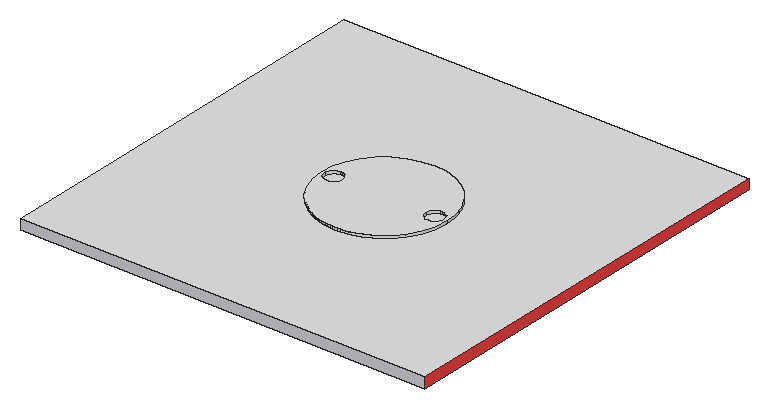
Revit family "PRESTO ECO XT-UE PS", category Aparatos sanitarios, Revit 2015
Parameters (values of type "11636")
  URL = "http://www.prestoiberica.com/urinario/temporizada-xt/presto-eco-xt-ue-ps?c=es"
  Teléfono = "(+34) 915 782 575"
  TIPO DE AGUA = "Fria"
  REFERENCIA = "11636"
  Presión Máxima = ""
  PESO BRUTO = "0.481  Kg"
  Keynote = ""
  Modelo = "PRESTO ECO XT UE PS"
  Material = LATON CROMADO
  Imagen de tipo = <Ninguno>
  Fabricante = "PRESTO IBÉRICA"
  Default Elevation = 1219.2 mm
  ENTRADA = "Macho y Hembra 1/2\""
  Descripción = "Grifo temporizado ecológico de un agua para instalación empotrada con cuerpo de latón cromado."
  Código de montaje = "C1030220"
  Contacto = "info@prestoiberica.com"
  Conexión AF = yes
  Conexión AC = yes
  Comentarios de tipo = "◦Cabeza intercambiable que comprende todo el mecanismo del grifo\r\n◦Cuerpo y pulsador en latón cromado, piezas interiores en materiales resistentes a la corrosión y a las incrustaciones calcáreas\r\n◦Tornillos en acero inoxidable."
  CIERRE = "Automático en 5 seg."
  CAUDAL = "5 L/Min"
  Accionamiento = "Por pulsador"
Reference planes
  plane 1 "Centro (Frontal/Posterior)": y = 0
  plane 2: z = 0
  plane 3 "Centro (Izquierda/Derecha)": x = 0
  plane 4 "1": z = 28.7
Forms (mm)
  Extrusion 1, solid
    sketch origin (0, 0, 0) x (1, 0, 0) y (0, 1, 0)
      loop
        line (-100, 100) -> (-100, -100) -> (100, -100) -> (100, 100) -> (-100, 100)
    from 0 to -5
  Extrusion 2, solid, material "LATON CROMADO"
    sketch origin (0, 0, 0) x (1, 0, 0) y (0, 1, 0)
      loop
        circle (0, 0) r 31
      loop
        circle (-25.025, 0) r 4.457
      loop
        circle (25.025, 0) r 4.457
    from -6.956 to 1
Dimensions and locks
  Extrusion 1 sketch curve to plane 1 "Centro (Frontal/Posterior)" = 100 mm
  aligned and locked: plane 2 to Extrusion 1
  aligned and locked: level to Extrusion 1
